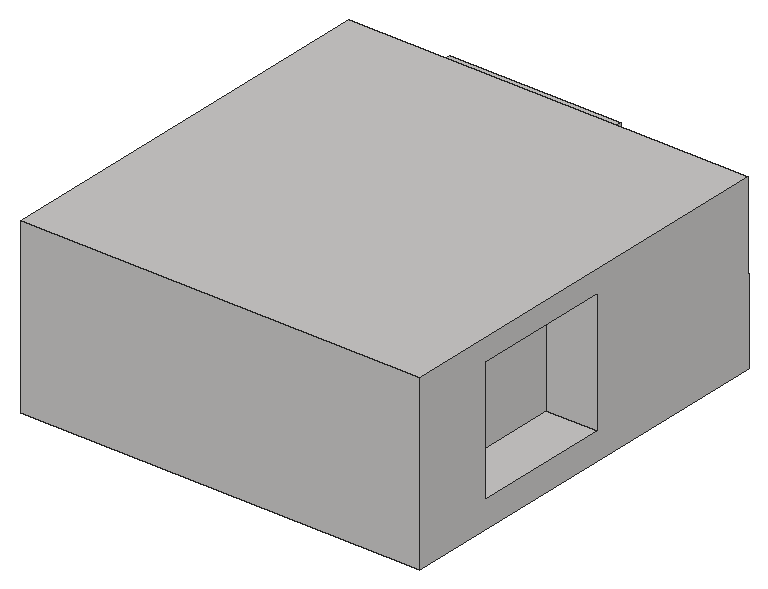
Revit family
Parameters
  Width = 4' - 0 1/8"
  Voltage = 277 V
  Unit Weight = "230.0 lbs"
  UltraLoc Liner = Choose Liner Option = 3  # no
  URL = "http://www.titus-hvac.com/"
  UL = "181"
  Supply Air Flow [instance] = 0 CFM
  SteriLoc Liner = Choose Liner Option = 2  # no
  Primary Air Pressure Drop [instance] = 0.00 in-wg
  Primary Air Flow [instance] = 0 CFM
  Plenum Air Pressure Drop [instance] = 0.00 in-wg
  Plenum Air Flow [instance] = 0 CFM
  Outlet Width = 1' - 4 1/2"
  Outlet Vertical Offset = 0' - 1 1/8"
  Outlet Horizontal Offset = 0' - 1 3/8"
  Outlet Height = 1' - 2 1/2"
  Number of Poles = 1
  Nominal Width = Width + 0' 6 1/4"  # 4' - 6 3/8"
  Nominal Length = Length + 0' 3 3/8"  # 4' - 2 1/4"
  Nominal Inlet Size = 1' - 2"
  Nominal Height = 1' - 8 1/8"
  NFPA = "90A"
  Motor Full Load Amps = 6.5 A
  Model = "DTQS"
  Min. Air Flow = 0 CFM
  Max. Air Flow = 0 CFM
  Material = Galvanized Steel
  Manufacturer = "Titus"
  Length = 3' - 10 7/8"
  Juction Box Offset = 0' - 6 7/8"
  Inlet Diameter = Nominal Inlet Size - 0' 0 1/8"  # 1' - 1 7/8"
  Induced offset = 0' - 1 1/4"
  Induced Air Inlet Offset = 0' - 4 1/2"
  Induced Air Inlet Width = 1' - 9"
  Induced Air Inlet Height = 1' - 5 1/2"
  Induced Air Filter = no
  Heating Total Capacity [instance] = 0 Btu/h
  Half Outlet Connection Width = Outlet Width / 2  # 0' - 8 1/4"
  Half Outlet Connection Height = Outlet Height / 2  # 0' - 7 1/4"
  Half Height Start = -(Nominal Height / 2)  # -0' - 10 1/16"
  Half Height End = Nominal Height / 2  # 0' - 10 1/16"
  HP-Motor = "1"
  Frequency = 60 Hz
  Filter Size = "27\"x20\""
  Fiber Free Liner = Choose Liner Option = 1  # no
  Fan Disconnect Switch = no
  Duct Radius = Nominal Inlet Size / 2  # 0' - 7"
  Description = "Series Fan Powered Terminal Unit, Direct Digital Control, Pressure Independent"
  Connection Void Radius = Connection Radius - 0' 0 1/4"  # 0' - 6 11/16"
  Connection Radius = Inlet Diameter / 2  # 0' - 6 15/16"
  Choose Liner Option = 0
  CADworks URL = "www.CADworks.net"
  Assembly Code = "D3040100"
  Apparent Power = Voltage * Motor Full Load Amps  # 1800.5 VA
  Air Inlet Offset = 0' - 10"
  1/2" Fiberglass Liner = Choose Liner Option = 0  # yes
Reference planes (in)
  plane 1 "Center (Front/Back)": y = 0
  plane 2: z = 0
  plane 3 "Center (Left/Right)": x = 3
  plane 4: x = -20.4375
  plane 5: x = 26.4375
  plane 6: x = -13.5625
  plane 7: x = -23.8125
  plane 8 "Center (Elevation)": z = 0
  plane 9: y = -24.0625
  plane 10: y = 24.0625
  plane 11: y = 14.0625
  plane 12: y = -19.5625
  plane 13: x = 20.4375
  plane 14: y = 30.3125
  plane 15: z = 10.0625
  plane 16: z = -10.0625
Forms (in)
  Extrusion 1, solid, material "Galvanized Steel" <- "Material"
    sketch origin (0, 0, 52) x (1, 0, 0) y (0, 1, 0)
      loop
        line (-20.4375, 24.0625) -> (-20.4375, -24.0625) -> (26.4375, -24.0625) -> (26.4375, 24.0625) -> (-20.4375, 24.0625)
    from -62.0625 <- "Half Height Start" to -41.9375 <- "Half Height End"
  Extrusion 2, solid, material "Galvanized Steel" <- "Material"
    sketch origin (5.0625, 0, -6) x (1, 0, 0) y (0, 1, 0)
      loop
        line (-18.625, 24.0625) -> (1.375, 24.0625) -> (1.375, 30.3125) -> (-18.625, 30.3125) -> (-18.625, 24.0625)
    from 0 to 12
  Extrusion 3, void
    sketch origin (26.4375, 24.0625, 53.125) x (0, 1, 0) y (0, 0, -1)
      loop
        line (-22.125, 45.5625) -> (-22.125, 60.0625) -> (-38.625, 60.0625) -> (-38.625, 45.5625) -> (-22.125, 45.5625)
    from 0 to 6
  Extrusion 4, solid, material "Galvanized Steel" <- "Material"
    sketch origin (-24.875, 0.5625, 0) x (0, 0, -1) y (0, 1, 0)
      loop
        circle (0, 13.5) r 6.9375
    from 1.0625 to 4.4375
  Extrusion 5, void
    sketch origin (-24.875, 0, 0) x (0, 1, 0) y (0, 0, 1)
      loop
        circle (14.0625, 0) r 6.6875
    from 1.0625 to 11.3125
  Extrusion 6, void
    sketch origin (-20.4375, -24.0625, 52) x (0, -1, 0) y (0, 0, -1)
      loop
        line (-25.5, 43.3125) -> (-4.5, 43.3125) -> (-4.5, 60.8125) -> (-25.5, 60.8125) -> (-25.5, 43.3125)
    from 0 to 6.875
Cuts and joins
  Extrusion 3, Extrusion 5, Extrusion 6 cuts Extrusion 1
  Extrusion 5 cuts Extrusion 4
Dimensions and locks (in)
  "Length": plane 5 to plane 4
  equal spacing: plane 5, plane 3 "Center (Left/Right)", plane 4
  locked: Extrusion 2 to plane 6 at 0
  locked: Extrusion 2 to Extrusion 2 at 20
  "Juction Box Offset": plane 6 to plane 4
  "Outlet Height": Extrusion 3 sketch curve to Extrusion 3 sketch curve
  "Outlet Width": Extrusion 3 sketch curve to Extrusion 3 sketch curve
  locked: plane 4 to plane 7 at 3.375
  "Width": plane 9 to plane 10
  equal spacing: plane 9, plane 1 "Center (Front/Back)", plane 10
  locked: Extrusion 4 sketch curve to level at 0
  locked: Extrusion 4 sketch curve to plane 11 at 0
  locked: Extrusion 5 sketch curve to level at 0
  locked: Extrusion 5 sketch curve to plane 11 at 0
  locked: Extrusion 2 to Extrusion 2 at 6.25
  "Air Inlet Offset": plane 10 to plane 11
  locked: Extrusion 2 to plane 10 at 0
  locked: cut or joined group of Extrusion 4, Extrusion 5 to plane 7 at 0
  locked: cut or joined group of Extrusion 4, Extrusion 5 to cut or joined group of Extrusion 4, Extrusion 5 at 3.375
  "Induced Air Inlet Offset": plane 9 to plane 12
  "Induced Air Inlet Width": Extrusion 6 sketch curve to Extrusion 6 sketch curve
  "Induced Air Inlet Height": Extrusion 6 sketch curve to Extrusion 6 sketch curve
  "Induced Air Inlet Offset": Extrusion 6 sketch curve to plane 9
  locked: plane 9 to Extrusion 3 sketch curve at 9.5
  cut or joined group of Extrusion 1, Extrusion 3, Extrusion 5, Extrusion 6 to Extrusion 3 sketch curve = 0' - 3 1/8"
  locked: Extrusion 2 to Extrusion 2 at 12
  equal spacing: Extrusion 2, level, Extrusion 2
  locked: cut or joined group of Extrusion 1, Extrusion 3, Extrusion 5, Extrusion 6 to cut or joined group of Extrusion 1, Extrusion 3, Extrusion 5, Extrusion 6 at 20.125
  equal spacing: cut or joined group of Extrusion 1, Extrusion 3, Extrusion 5, Extrusion 6, level, cut or joined group of Extrusion 1, Extrusion 3, Extrusion 5, Extrusion 6
  "Induced offset": Extrusion 6 sketch curve to cut or joined group of Extrusion 1, Extrusion 3, Extrusion 5, Extrusion 6
  "Connection Radius": radius of Extrusion 4 sketch curve
  "Connection Void Radius": radius of Extrusion 5 sketch curve
  aligned and locked: plane 6 to Extrusion 6
  aligned and locked: Extrusion 3 to plane 13
  aligned and locked: plane 5 to cut or joined group of Extrusion 1, Extrusion 3, Extrusion 5, Extrusion 6
  aligned and locked: cut or joined group of Extrusion 1, Extrusion 3, Extrusion 5, Extrusion 6 to plane 4
  aligned and locked: cut or joined group of Extrusion 1, Extrusion 3, Extrusion 5, Extrusion 6 to plane 10
  aligned and locked: plane 9 to cut or joined group of Extrusion 1, Extrusion 3, Extrusion 5, Extrusion 6
  aligned and locked: Extrusion 1 to Extrusion 6
  aligned and locked: Extrusion 5 to plane 7
  aligned and locked: plane 6 to Extrusion 5
Automatic sketch dimensions
  Extrusion 1 sketch curve to plane 4 = 0' - 0"
  plane 5 to Extrusion 1 sketch curve = 0' - 0"
  Extrusion 1 sketch curve to plane 9 = 0' - 0"
  Extrusion 1 sketch curve to plane 10 = 0' - 0"
  Extrusion 2 sketch curve to plane 6 = 0' - 0"
  Extrusion 2 sketch curve to plane 10 = 0' - 0"
  plane 3 "Center (Left/Right)" to Extrusion 2 sketch curve = 0' - 3 7/16"
  Extrusion 2 sketch curve to plane 10 = 0' - 6 1/4"
Connectors (in)
  electrical at (-3.5625, 30.3125, 0), driven by "Apparent Power", driven by "Voltage", driven by "Number of Poles"
    settings: on Extrusion 2, index 8
  hvac at (-23.8125, 14.0625, 0), driven by "Primary Air Flow", driven by "Duct Radius", driven by "Primary Air Pressure Drop"
    settings: on cut or joined group of Extrusion 4, Extrusion 5, index 9
  hvac at (-20.4375, -9.0625, -0.0625), driven by "Induced Air Inlet Height", driven by "Induced Air Inlet Width", driven by "Plenum Air Pressure Drop", driven by "Plenum Air Flow"
    settings: on cut or joined group of Extrusion 1, Extrusion 3, Extrusion 5, Extrusion 6, index 12
  hvac at (26.4375, -6.3125, 0.3125), driven by "Supply Air Flow", driven by "Outlet Width", driven by "Outlet Height"
    settings: on cut or joined group of Extrusion 1, Extrusion 3, Extrusion 5, Extrusion 6, index 13
